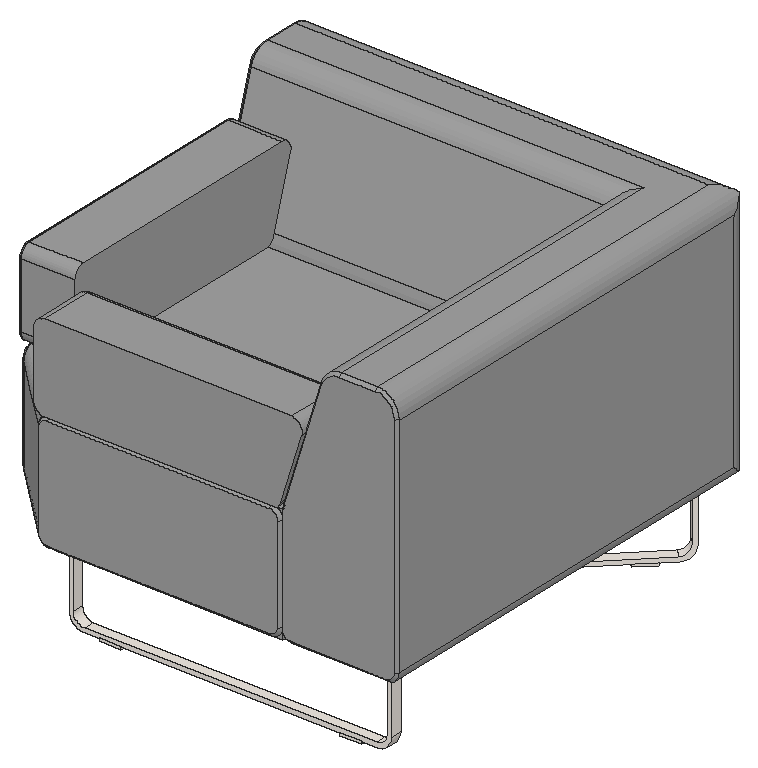
Revit family "Haworth_Riverbend_SquareCorner_EU_PRELIMINARY", category Furniture, Revit 2018 (continued)
Definition of nested family "Haworth_Riverbend_SquareCorner_Large_Seat-PART"
  Forms (cm)
    Extrusion 3, void
      sketch origin (17.4269, -17.4269, 0) x (0.707107, 0.707107, 0) y (0, 0, 1)
        loop
          spline (-85.3444, 43.18) -> (-85.329, 43.5115) -> (-85.2832, 43.8374) -> (-85.2076, 44.152) -> (-85.1037, 44.45) -> (-84.9732, 44.7263) -> (-84.8183, 44.9761) -> (-84.6417, 45.1951) -> (-84.4463, 45.3797) -> (-84.2356, 45.5267) -> (-84.0132, 45.6335) -> (-83.7827, 45.6983) -> (-83.5483, 45.72)
          line (-83.5483, 45.72) -> (-85.3444, 45.72) -> (-85.3444, 43.18)
        loop
          spline (-83.5483, 18.415) -> (-83.7827, 18.4367) -> (-84.0132, 18.5015) -> (-84.2356, 18.6083) -> (-84.4463, 18.7553) -> (-84.6417, 18.9399) -> (-84.8183, 19.1589) -> (-84.9732, 19.4087) -> (-85.1037, 19.685) -> (-85.2076, 19.983) -> (-85.2832, 20.2976) -> (-85.329, 20.6235) -> (-85.3444, 20.955)
          line (-85.3444, 20.955) -> (-85.3444, 18.415) -> (-83.5483, 18.415)
      from -16.0571 to 15.4267
    Extrusion 4, void
      sketch origin (0, 0, 45.72) x (-1, 0, 0) y (0, -1, 0)
        loop
          line (-49.4718, -10.8081) -> (-49.4718, -14.6181) -> (-45.6618, -14.6181)
          arc (-45.6618, -14.6181) -> (-48.3559, -13.5021) -> (-49.4718, -10.8081) r 3.81
      from -30.4934 to 34.1183
    Extrusion 5, solid, material <- "Seat Upholstery Finish", visible <- "No Back"
      sketch origin (-5.08, 51.0034, 45.72) x (-1, 0, 0) y (0, -1, 0)
        loop
          line (46.4132, 120.2053) -> (29.2682, 137.3503) -> (-54.5518, 137.3503) -> (-54.5518, 36.3853) -> (46.4132, 36.3853) -> (46.4132, 120.2053)
      from -27.305 to 0
    Extrusion 6, void
      sketch origin (-52.1282, -45.72, 0) x (0, 1, 0) y (0, 0, 1)
        loop
          line (60.3381, 43.18) -> (60.3381, 45.72) -> (57.7981, 45.72)
          arc (57.7981, 45.72) -> (59.5941, 44.9761) -> (60.3381, 43.18) r 2.54
      from 0 to 105.4663
    Extrusion 7, void
      sketch origin (-60.96, -86.3469, 0) x (-1, 0, 0) y (0, 0, 1)
        loop
          line (-107.8918, 45.72) -> (-110.4318, 45.72) -> (-110.4318, 43.18)
          arc (-110.4318, 43.18) -> (-109.6878, 44.9761) -> (-107.8918, 45.72) r 2.54
      from 0 to 106.4613
    Extrusion 8, void
      sketch origin (-137.16, -86.3469, 0) x (-1, 0, 0) y (0, 0, 1)
        loop
          line (-186.6318, 20.955) -> (-186.6318, 18.415) -> (-184.0918, 18.415)
          arc (-184.0918, 18.415) -> (-185.8878, 19.1589) -> (-186.6318, 20.955) r 2.54
      from 0 to 100.965
    Extrusion 9, solid, material <- "Seat Upholstery Finish", visible <- "Mid Back"
      sketch origin (0, 0, 45.72) x (-1, 0, 0) y (0, -1, 0)
        loop
          line (51.4932, 12.4835) -> (51.4932, 69.2019) -> (34.3482, 86.3469) -> (-22.3702, 86.3469) -> (-22.3702, 12.4835) -> (51.4932, 12.4835)
      from -27.305 to 0
    Blend 10, solid, material <- "Seat Upholstery Finish", visible <- "Mid Back"
      base sketch origin (-52.1282, -57.2949, 0) x (0, -1, 0) y (0, 0, 1)
        loop
          arc (-42.2714, 45.085) -> (-43.6184, 44.527) -> (-44.1764, 43.18) r 1.905
          line (-44.1764, 43.18) -> (-44.1764, 20.955)
          arc (-44.1764, 20.955) -> (-43.6184, 19.608) -> (-42.2714, 19.05) r 1.905
          line (-42.2714, 19.05) -> (9.367, 19.05)
          arc (9.367, 19.05) -> (10.714, 19.608) -> (11.272, 20.955) r 1.905
          line (11.272, 20.955) -> (11.272, 43.18)
          arc (11.272, 43.18) -> (10.714, 44.527) -> (9.367, 45.085) r 1.905
          line (9.367, 45.085) -> (-42.2714, 45.085)
      top sketch origin (-52.1282, -57.2949, 0) x (0, -1, 0) y (0, 0, 1)
        loop
          arc (-42.2714, 45.72) -> (-44.0675, 44.9761) -> (-44.8114, 43.18) r 2.54
          line (-44.8114, 43.18) -> (-44.8114, 20.955)
          arc (-44.8114, 20.955) -> (-44.0675, 19.1589) -> (-42.2714, 18.415) r 2.54
          line (-42.2714, 18.415) -> (9.367, 18.415)
          arc (9.367, 18.415) -> (11.163, 19.1589) -> (11.907, 20.955) r 2.54
          line (11.907, 20.955) -> (11.907, 43.18)
          arc (11.907, 43.18) -> (11.163, 44.9761) -> (9.367, 45.72) r 2.54
          line (9.367, 45.72) -> (-42.2714, 45.72)
      from 0 to -0.635
    Blend 11, solid, material <- "Seat Upholstery Finish", visible <- "No Back"
      base sketch origin (-52.1282, -24.3905, 0) x (0, 1, 0) y (0, 0, -1)
        loop
          line (-42.2714, -45.085) -> (36.4686, -45.085)
          arc (36.4686, -45.085) -> (37.8156, -44.527) -> (38.3736, -43.18) r 1.905
          line (38.3736, -43.18) -> (38.3736, -20.955)
          arc (38.3736, -20.955) -> (37.8156, -19.608) -> (36.4686, -19.05) r 1.905
          line (36.4686, -19.05) -> (-42.2714, -19.05)
          arc (-42.2714, -19.05) -> (-43.6184, -19.608) -> (-44.1764, -20.955) r 1.905
          line (-44.1764, -20.955) -> (-44.1764, -43.18)
          arc (-44.1764, -43.18) -> (-43.6184, -44.527) -> (-42.2714, -45.085) r 1.905
      top sketch origin (-52.1282, -24.3905, 0) x (0, 1, 0) y (0, 0, -1)
        loop
          line (-42.2714, -45.72) -> (36.4686, -45.72)
          arc (36.4686, -45.72) -> (38.2646, -44.9761) -> (39.0086, -43.18) r 2.54
          line (39.0086, -43.18) -> (39.0086, -20.955)
          arc (39.0086, -20.955) -> (38.2646, -19.1589) -> (36.4686, -18.415) r 2.54
          line (36.4686, -18.415) -> (-42.2714, -18.415)
          arc (-42.2714, -18.415) -> (-44.0675, -19.1589) -> (-44.8114, -20.955) r 2.54
          line (-44.8114, -20.955) -> (-44.8114, -43.18)
          arc (-44.8114, -43.18) -> (-44.0675, -44.9761) -> (-42.2714, -45.72) r 2.54
      from 0 to -0.635
  Cuts and joins
    Extrusion 3, Extrusion 4, Extrusion 6, Extrusion 7, Extrusion 8 cuts Extrusion 5
    Extrusion 3 cuts Extrusion 9
  Lines and regions (cm)
    Masking region 1
      outline origin (0, 0, 45.72) x (-1, 0, 0) y (0, -1, 0)
        loop
          line (52.1282, -14.6181) -> (52.1282, 68.5669) -> (33.7132, 86.9819) -> (-49.4718, 86.9819) -> (-49.4718, -14.6181) -> (52.1282, -14.6181)
    symbolic lines, visible <- "Mid Back", detail levels medium+fine
      curve 1: line (-51.4932, -12.4835, 45.72) -> (22.3702, -12.4835, 45.72)
      curve 2: line (22.3702, -12.4835, 45.72) -> (22.3702, -86.3469, 45.72)
  Dimensions and locks (cm)
    plane 4 "Left" to plane 5 "Right" = 142.7861 cm
    locked: plane 8 "Top" to plane 9 "Top - Bottom of Chamfer Edge" at 0.635
    locked: plane 11 "Bottom - Top of Chamfer Edge" to plane 10 "Frame Bottom" at 0.635
    plane 8 "Top" to plane 10 "Frame Bottom" = 27.305 cm
    "Actual Height": plane 8 "Top" to plane 2 "Bottom"
    plane 8 "Top" to plane 2 "Bottom" = 45.72 cm
    "Width Straight Edge": plane 16 "Bench Frame - Outer Concave Tangent Edge No 1" to plane 15 "Bench Frame - Inner Concave Tangent Edge No 1"
    equal spacing: plane 16 "Bench Frame - Outer Concave Tangent Edge No 1", plane 18 "Bench Frame - Center Side No 1", plane 15 "Bench Frame - Inner Concave Tangent Edge No 1"
    plane 19 "Bench Frame - Center Side No 2" to plane 17 "Bench Frame - Outer Concave Tangent Edge No 2" = 41.91 cm
    plane 15 "Bench Frame - Inner Concave Tangent Edge No 1" to plane 20 "Bench Frame - Straight Edge No 2" = 17.78 cm
    plane 21 "Bench Frame - Straight Edge No 1" to plane 29 "Left - Top of Chamfer Edge" = 0.635 cm
    plane 30 "Right - Top of Chamfer Edge" to plane 20 "Bench Frame - Straight Edge No 2" = 0.635 cm
    plane 23 "Center Leg - Back of Leg Bracket" to plane 27 "Center Leg - Front of Leg Bracket" = 34.29 cm
    plane 67 to plane 68 = 7.62 cm
    equal spacing: plane 7 "Chair Front", plane 1 "Center F/B", plane 67
    plane 72 to plane 73 = 3.8097 cm
    plane 21 "Bench Frame - Straight Edge No 1" to plane 17 "Bench Frame - Outer Concave Tangent Edge No 2" = 101.6 cm
    plane 16 "Bench Frame - Outer Concave Tangent Edge No 1" to plane 20 "Bench Frame - Straight Edge No 2" = 101.6 cm
    equal spacing: plane 10 "Frame Bottom", plane 74, plane 69
    "Depth": plane 70 to plane 17 "Bench Frame - Outer Concave Tangent Edge No 2"
    aligned and locked: Blend 1 to plane 20 "Bench Frame - Straight Edge No 2"
    aligned and locked: plane 30 "Right - Top of Chamfer Edge" to Blend 1
    aligned and locked: Extrusion 5 sketch curve to plane 29 "Left - Top of Chamfer Edge"
  Automatic sketch dimensions
    plane 3 "Center L/R" to curve 1 = 0 cm
    curve 2 to plane 30 "Right - Top of Chamfer Edge" = 0 cm
    curve 1 to plane 29 "Left - Top of Chamfer Edge" = 0 cm
    curve 2 to plane 65 = 5.1961 cm
    Blend 1 sketch curve to plane 11 "Bottom - Top of Chamfer Edge" = 0 cm
    Blend 1 sketch curve to plane 9 "Top - Bottom of Chamfer Edge" = 0 cm
    Blend 1 sketch curve to plane 70 = 0.635 cm
    Blend 1 sketch curve to plane 26 "Right Leg - Front of Leg Bracket" = 1.9447 cm  (x2)
    Blend 1 sketch curve to Blend 1 sketch curve = 1.905 cm
    plane 24 "Right Leg - Back of Leg Bracket" to Blend 1 sketch curve = 1.9447 cm  (x4)
    Blend 1 sketch curve to plane 17 "Bench Frame - Outer Concave Tangent Edge No 2" = 0.635 cm
    plane 70 to Blend 1 sketch curve = 0 cm
    Blend 1 sketch curve to plane 10 "Frame Bottom" = 0 cm
    Blend 1 sketch curve to plane 8 "Top" = 0 cm
    Blend 1 sketch curve to plane 17 "Bench Frame - Outer Concave Tangent Edge No 2" = 0 cm
    Blend 1 sketch curve to plane 9 "Top - Bottom of Chamfer Edge" = 1.905 cm
    Blend 2 sketch curve to plane 9 "Top - Bottom of Chamfer Edge" = 0 cm
    Blend 2 sketch curve to plane 11 "Bottom - Top of Chamfer Edge" = 0 cm
    plane 11 "Bottom - Top of Chamfer Edge" to Blend 2 sketch curve = 1.905 cm  (x3)
    plane 53 to Blend 2 sketch curve = 11.1794 cm
    Blend 2 sketch curve to plane 9 "Top - Bottom of Chamfer Edge" = 1.905 cm  (x2)
    Blend 2 sketch curve to plane 26 "Right Leg - Front of Leg Bracket" = 1.9447 cm  (x2)
    Blend 2 sketch curve to plane 70 = 0.635 cm
    Blend 2 sketch curve to plane 10 "Frame Bottom" = 0 cm
    Blend 2 sketch curve to plane 8 "Top" = 0 cm
    plane 70 to Blend 2 sketch curve = 0 cm
    plane 19 "Bench Frame - Center Side No 2" to Blend 2 sketch curve = 12.2684 cm  (x2)
    Extrusion 3 sketch curve to plane 7 "Chair Front" = 0 cm  (x2)
    Extrusion 3 sketch curve to plane 10 "Frame Bottom" = 0 cm
    Extrusion 3 sketch curve to plane 8 "Top" = 0 cm
    plane 7 "Chair Front" to Extrusion 3 sketch curve = 1.7961 cm  (x2)
    plane 11 "Bottom - Top of Chamfer Edge" to Extrusion 3 sketch curve = 1.905 cm
    Extrusion 3 sketch curve to plane 9 "Top - Bottom of Chamfer Edge" = 1.905 cm
    Extrusion 4 sketch curve to plane 17 "Bench Frame - Outer Concave Tangent Edge No 2" = 0 cm
    Extrusion 4 sketch curve to plane 16 "Bench Frame - Outer Concave Tangent Edge No 1" = 0 cm
    plane 24 "Right Leg - Back of Leg Bracket" to Extrusion 4 sketch curve = 0.6747 cm
    plane 3 "Center L/R" to Masking region 1 sketch curve = 0 cm
    Masking region 1 sketch curve to plane 16 "Bench Frame - Outer Concave Tangent Edge No 1" = 0 cm
    Masking region 1 sketch curve to plane 7 "Chair Front" = 0 cm  (x2)
    Masking region 1 sketch curve to plane 20 "Bench Frame - Straight Edge No 2" = 0 cm
    Masking region 1 sketch curve to plane 21 "Bench Frame - Straight Edge No 1" = 0 cm
    plane 3 "Center L/R" to Extrusion 5 sketch curve = 0 cm
    Extrusion 5 sketch curve to plane 16 "Bench Frame - Outer Concave Tangent Edge No 1" = 0 cm
    Extrusion 5 sketch curve to plane 7 "Chair Front" = 0 cm  (x2)
    Extrusion 5 sketch curve to plane 30 "Right - Top of Chamfer Edge" = 0 cm
    Extrusion 6 sketch curve to plane 8 "Top" = 0 cm
    Extrusion 6 sketch curve to plane 71 = 0 cm
    Extrusion 6 sketch curve to plane 16 "Bench Frame - Outer Concave Tangent Edge No 1" = 0 cm
    Extrusion 7 sketch curve to plane 8 "Top" = 0 cm
    Extrusion 7 sketch curve to plane 17 "Bench Frame - Outer Concave Tangent Edge No 2" = 0 cm
    plane 24 "Right Leg - Back of Leg Bracket" to Extrusion 7 sketch curve = 1.9447 cm
    Extrusion 8 sketch curve to plane 17 "Bench Frame - Outer Concave Tangent Edge No 2" = 0 cm
    Extrusion 8 sketch curve to plane 10 "Frame Bottom" = 0 cm
    plane 24 "Right Leg - Back of Leg Bracket" to Extrusion 8 sketch curve = 1.9447 cm
    plane 3 "Center L/R" to Extrusion 9 sketch curve = 0 cm
    Extrusion 9 sketch curve to plane 30 "Right - Top of Chamfer Edge" = 0 cm
    Extrusion 9 sketch curve to plane 7 "Chair Front" = 0 cm  (x2)
    Extrusion 9 sketch curve to plane 15 "Bench Frame - Inner Concave Tangent Edge No 1" = 0 cm
    plane 53 to Extrusion 9 sketch curve = 10.5444 cm
    Blend 10 sketch curve to plane 9 "Top - Bottom of Chamfer Edge" = 0 cm
    Blend 10 sketch curve to plane 11 "Bottom - Top of Chamfer Edge" = 0 cm
    plane 11 "Bottom - Top of Chamfer Edge" to Blend 10 sketch curve = 1.905 cm  (x3)
    Blend 10 sketch curve to plane 65 = 5.8311 cm
    Blend 10 sketch curve to Blend 10 sketch curve = 1.905 cm
    Blend 10 sketch curve to plane 25 "Left Leg - Front of Leg Bracket" = 1.945 cm  (x2)
    plane 15 "Bench Frame - Inner Concave Tangent Edge No 1" to Blend 10 sketch curve = 0.635 cm
    Blend 10 sketch curve to plane 10 "Frame Bottom" = 0 cm
    Blend 10 sketch curve to plane 8 "Top" = 0 cm
    Blend 10 sketch curve to plane 15 "Bench Frame - Inner Concave Tangent Edge No 1" = 0 cm
    Blend 10 sketch curve to plane 9 "Top - Bottom of Chamfer Edge" = 1.905 cm
    Blend 10 sketch curve to plane 65 = 7.7361 cm  (x2)
    Blend 11 sketch curve to plane 11 "Bottom - Top of Chamfer Edge" = 0 cm
    Blend 11 sketch curve to plane 9 "Top - Bottom of Chamfer Edge" = 0 cm
    Blend 11 sketch curve to plane 71 = 0 cm  (x4)
    Blend 11 sketch curve to plane 25 "Left Leg - Front of Leg Bracket" = 1.945 cm  (x3)
    plane 15 "Bench Frame - Inner Concave Tangent Edge No 1" to Blend 11 sketch curve = 0.635 cm
    Blend 11 sketch curve to plane 16 "Bench Frame - Outer Concave Tangent Edge No 1" = 0.635 cm
    Blend 11 sketch curve to plane 15 "Bench Frame - Inner Concave Tangent Edge No 1" = 0 cm
    Blend 11 sketch curve to plane 10 "Frame Bottom" = 0 cm
    Blend 11 sketch curve to plane 8 "Top" = 0 cm
    Blend 11 sketch curve to plane 16 "Bench Frame - Outer Concave Tangent Edge No 1" = 0 cm
    Blend 11 sketch curve to plane 9 "Top - Bottom of Chamfer Edge" = 1.905 cm
Definition of nested family "Haworth_Riverbend_SquareCorner_Small_Seat-PART"
  Parameters (values of type "Small Seat - PART")
    Width Straight Edge = 83.82 cm  # constant formula
    Warranty = "http://www.haworth.com/resources/product-info/warranties"
    URL - Product = "http://www.haworth.com/products/seating/sofas/riverbend-pebble"
    Seat Upholstery Finish [instance] = none
    No Back = no
    Mid Back = yes
    Model = "Haworth - Riverbend"  # constant formula
    Description = "Haworth - Riverbend - Square Corner - Small Seat - PART"  # constant formula
    URL = "http://www.haworth.com"
    Size = "Verify Final Dim. w/ Haworth"  # constant formula
    Revision Number = "1"  # constant formula
    Manufacturer = "Haworth"  # constant formula
    Depth = 83.82 cm  # constant formula
    Author = "Haworth (Bentzen, Abd Rahman)"  # constant formula
    Assembly Code = "E2020200"
    Actual Width = 142.24 cm  # constant formula
    Actual Height = 45.72 cm  # constant formula
    Actual Depth = 83.82 cm  # constant formula
  Reference planes (cm)
    plane 1 "Center F/B": through (-7.8491, -21.5695, 0) normal (-0.7071, -0.7071, 0)
    plane 2 "Bottom": z = 0
    plane 3 "Center L/R": through (5.5102, -29.3435, 0) normal (0.7071, -0.7071, 0)
    plane 4 "Left": through (-116.505, -50.3938, 121.92) normal (-0.7071, 0.7071, 0)
    plane 5 "Right": through (124.4391, -11.3797, 121.92) normal (0.7071, -0.7071, 0)
    plane 6 "Frame Back": through (-73.6346, 78.6631, 121.92) normal (0.7071, 0.7071, 0)
    plane 7 "Chair Front": through (-138.4552, 17.76, 121.92) normal (0.7071, 0.7071, 0)
    plane 8 "Top": z = 45.72
    plane 9 "Top - Bottom of Chamfer Edge": z = 45.085
    plane 10 "Frame Bottom": z = 18.415
    plane 11 "Bottom - Top of Chamfer Edge": z = 19.05
    plane 12 "Leg Bracket - Bottom": z = 17.78
    plane 13 "Leg Bottom - Top of Bottom": z = 1.5875
    plane 14 "Foot - Top of Foot": z = 0.635
    plane 15 "Bench Frame - Inner Concave Tangent Edge No 1": y = -69.2019
    plane 16 "Bench Frame - Outer Concave Tangent Edge No 1": y = 14.6181
    plane 17 "Bench Frame - Outer Concave Tangent Edge No 2": x = 49.4718
    plane 18 "Bench Frame - Center Side No 1": y = -27.2919
    plane 19 "Bench Frame - Center Side No 2": x = 7.5618
    plane 20 "Bench Frame - Straight Edge No 2": y = -86.9819
    plane 21 "Bench Frame - Straight Edge No 1": x = -52.1282
    plane 22 "Left Leg - Back of Leg Bracket": y = 10.1334
    plane 23 "Center Leg - Back of Leg Bracket": through (-113.4489, 164.5306, 121.92) normal (0.7071, 0.7071, 0)
    plane 24 "Right Leg - Back of Leg Bracket": x = 44.9871
    plane 25 "Left Leg - Front of Leg Bracket": y = -64.7169
    plane 26 "Right Leg - Front of Leg Bracket": x = -29.8635
    plane 27 "Center Leg - Front of Leg Bracket": through (17.7923, -15.204, 121.92) normal (0.7071, 0.7071, 0)
    plane 28: through (-170.5143, 49.6713, 121.92) normal (-0.7071, 0.7071, 0)
    plane 29 "Left - Top of Chamfer Edge": x = -51.4932
    plane 30 "Right - Top of Chamfer Edge": y = -86.3469
    plane 31 "Leg Left - Left of Leg Bracket": x = -48.1694
    plane 32 "Right Left - Right of Leg Bracket": y = -83.0231
    plane 33: through (39.0172, 10.7175, 121.92) normal (0.7071, 0.7071, 0)
    plane 34: y = 4.1009
    plane 35: y = 3.1409
    plane 36: y = -1.9391
    plane 37: y = 9.1809
    plane 38: y = -52.6441
    plane 39: y = -57.7241
    plane 40: y = -58.6841
    plane 41: y = -63.7641
    plane 42: through (18.4965, -14.5612, 121.92) normal (-0.7071, -0.7071, 0)
    plane 43: through (22.0886, -10.9691, 121.92) normal (-0.7071, -0.7071, 0)
    plane 44: through (22.7674, -10.2902, 121.92) normal (-0.7071, -0.7071, 0)
    plane 45: through (26.3595, -6.6981, 121.92) normal (-0.7071, -0.7071, 0)
    plane 46: through (33.5331, 0.4755, 121.92) normal (-0.7071, -0.7071, 0)
    plane 47: through (37.1252, 4.0676, 121.92) normal (-0.7071, -0.7071, 0)
    plane 48: through (37.8041, 4.7464, 121.92) normal (-0.7071, -0.7071, 0)
    plane 49: x = -28.9104
    plane 50: x = -23.8304
    plane 51: x = -22.8704
    plane 52: x = -17.7904
    plane 53: x = 32.9146
    plane 54: x = 37.9946
    plane 55: x = 38.9546
    plane 56: x = 44.0346
    plane 57: x = -45.6294
    plane 58: y = -80.4831
    plane 59: through (15.798, -17.2597, 121.92) normal (-0.7071, 0.7071, 0)
    plane 60: through (43.8657, 7.216, 121.92) normal (-0.7071, 0.7071, 0)
    plane 61: x = -42.1369
    plane 62: through (0.0825, -41.5064, 121.92) normal (0.7071, -0.7071, 0)
    plane 63: y = -76.9906
    plane 64: y = 14.6181
    plane 65: y = -7.2874
    plane 66: y = 14.6181
    plane 67: through (48.3559, 13.5021, 121.92) normal (-0.7071, -0.7071, 0)
    plane 68: through (34.5662, 16.5155, 121.92) normal (0.7071, 0.7071, 0)
    plane 69: z = 45.72
    plane 70: x = -34.3482
    plane 71: y = 12.0781
    plane 72: x = -288.2933
    plane 73: x = -284.4836
    plane 74: z = 32.0675
  Forms (cm)
    Extrusion 1, void
      sketch origin (0, 0, 45.72) x (-1, 0, 0) y (0, -1, 0)
        loop
          line (-49.4718, -10.8081) -> (-49.4718, -14.6181) -> (-45.6618, -14.6181)
          arc (-45.6618, -14.6181) -> (-48.3559, -13.5021) -> (-49.4718, -10.8081) r 3.81
      from -30.4934 to 34.1183
    Extrusion 2, solid, material <- "Seat Upholstery Finish", visible <- "No Back"
      sketch origin (-5.08, 51.0034, 45.72) x (-1, 0, 0) y (0, -1, 0)
        loop
          line (46.4132, 112.4338) -> (21.4967, 137.3503) -> (-54.5518, 137.3503) -> (-54.5518, 36.3853) -> (46.4132, 36.3853) -> (46.4132, 112.4338)
      from -27.305 to 0
    Extrusion 3, void
      sketch origin (-52.1282, -45.72, 0) x (0, 1, 0) y (0, 0, 1)
        loop
          line (60.3381, 43.18) -> (60.3381, 45.72) -> (57.7981, 45.72)
          arc (57.7981, 45.72) -> (59.5941, 44.9761) -> (60.3381, 43.18) r 2.54
      from 0 to 105.4663
    Extrusion 4, void
      sketch origin (-60.96, -86.3469, 0) x (-1, 0, 0) y (0, 0, 1)
        loop
          line (-107.8918, 45.72) -> (-110.4318, 45.72) -> (-110.4318, 43.18)
          arc (-110.4318, 43.18) -> (-109.6878, 44.9761) -> (-107.8918, 45.72) r 2.54
      from 0 to 106.4613
    Extrusion 5, void
      sketch origin (-147.9004, -86.3469, 0) x (-1, 0, 0) y (0, 0, 1)
        loop
          line (-167.7306, 45.72) -> (-170.2706, 45.72) -> (-170.2706, 43.18)
          arc (-170.2706, 43.18) -> (-169.5267, 44.9761) -> (-167.7306, 45.72) r 2.54
      from 0 to 73.8634
    Extrusion 6, void
      sketch origin (-52.1282, -119.217, 0) x (0, 1, 0) y (0, 0, 1)
        loop
          line (106.7335, 43.18) -> (106.7335, 45.72) -> (104.1935, 45.72)
          arc (104.1935, 45.72) -> (105.9895, 44.9761) -> (106.7335, 43.18) r 2.54
      from 0 to 74.4984
    Extrusion 7, void
      sketch origin (-52.1282, -107.793, 0) x (0, 1, 0) y (0, 0, 1)
        loop
          line (92.7695, 18.415) -> (95.3095, 18.415) -> (95.3095, 20.955)
          arc (95.3095, 20.955) -> (94.5656, 19.1589) -> (92.7695, 18.415) r 2.54
      from 0 to 74.4984
    Extrusion 8, void
      sketch origin (-137.16, -86.3469, 0) x (-1, 0, 0) y (0, 0, 1)
        loop
          line (-186.6318, 20.955) -> (-186.6318, 18.415) -> (-184.0918, 18.415)
          arc (-184.0918, 18.415) -> (-185.8878, 19.1589) -> (-186.6318, 20.955) r 2.54
      from 0 to 100.965
    Extrusion 9, void
      sketch origin (-114.8804, -86.3469, 0) x (-1, 0, 0) y (0, 0, 1)
        loop
          line (-137.2506, 20.955) -> (-137.2506, 18.415) -> (-134.7106, 18.415)
          arc (-134.7106, 18.415) -> (-136.5067, 19.1589) -> (-137.2506, 20.955) r 2.54
      from 0 to 73.8634
    Extrusion 10, solid, material <- "Seat Upholstery Finish", visible <- "Mid Back"
      sketch origin (0, 0, 45.72) x (-1, 0, 0) y (0, -1, 0)
        loop
          line (51.4932, 12.4835) -> (51.4932, 61.4304) -> (26.5767, 86.3469) -> (-22.3702, 86.3469) -> (-22.3702, 12.4835) -> (51.4932, 12.4835)
      from -27.305 to 0
    Extrusion 11, void
      sketch origin (21.2242, -13.6295, 0) x (0.707107, 0.707107, 0) y (0, 0, 1)
        loop
          spline (-85.3444, 43.18) -> (-85.329, 43.5115) -> (-85.2832, 43.8374) -> (-85.2076, 44.152) -> (-85.1037, 44.45) -> (-84.9732, 44.7263) -> (-84.8183, 44.9761) -> (-84.6417, 45.1951) -> (-84.4463, 45.3797) -> (-84.2356, 45.5267) -> (-84.0132, 45.6335) -> (-83.7827, 45.6983) -> (-83.5483, 45.72)
          line (-83.5483, 45.72) -> (-85.3444, 45.72) -> (-85.3444, 43.18)
        loop
          spline (-83.5483, 18.415) -> (-83.7827, 18.4367) -> (-84.0132, 18.5015) -> (-84.2356, 18.6083) -> (-84.4463, 18.7553) -> (-84.6417, 18.9399) -> (-84.8183, 19.1589) -> (-84.9732, 19.4087) -> (-85.1037, 19.685) -> (-85.2076, 19.983) -> (-85.2832, 20.2976) -> (-85.329, 20.6235) -> (-85.3444, 20.955)
          line (-85.3444, 20.955) -> (-85.3444, 18.415) -> (-83.5483, 18.415)
      from -19.6373 to 20.8243
    Blend 12, solid, material <- "Seat Upholstery Finish", visible <- "Mid Back"
      base sketch origin (-22.4412, -86.9819, 0) x (-1, 0, 0) y (0, 0, -1)
        loop
          line (-42.2714, -45.085) -> (1.5436, -45.085)
          arc (1.5436, -45.085) -> (2.8906, -44.527) -> (3.4486, -43.18) r 1.905
          line (3.4486, -43.18) -> (3.4486, -20.955)
          arc (3.4486, -20.955) -> (2.8906, -19.608) -> (1.5436, -19.05) r 1.905
          line (1.5436, -19.05) -> (-42.2714, -19.05)
          arc (-42.2714, -19.05) -> (-43.6184, -19.608) -> (-44.1764, -20.955) r 1.905
          line (-44.1764, -20.955) -> (-44.1764, -43.18)
          arc (-44.1764, -43.18) -> (-43.6184, -44.527) -> (-42.2714, -45.085) r 1.905
      top sketch origin (-22.4412, -86.9819, 0) x (-1, 0, 0) y (0, 0, -1)
        loop
          line (-42.2714, -45.72) -> (1.6486, -45.72)
          arc (1.6486, -45.72) -> (3.4446, -44.9761) -> (4.1886, -43.18) r 2.54
          line (4.1886, -43.18) -> (4.1886, -20.955)
          arc (4.1886, -20.955) -> (3.4446, -19.1589) -> (1.6486, -18.415) r 2.54
          line (1.6486, -18.415) -> (-42.2714, -18.415)
          arc (-42.2714, -18.415) -> (-44.0675, -19.1589) -> (-44.8114, -20.955) r 2.54
          line (-44.8114, -20.955) -> (-44.8114, -43.18)
          arc (-44.8114, -43.18) -> (-44.0675, -44.9761) -> (-42.2714, -45.72) r 2.54
      from 0 to -0.635
    Blend 13, solid, material <- "Seat Upholstery Finish", visible <- "Mid Back"
      base sketch origin (-52.1282, -57.2949, 0) x (0, -1, 0) y (0, 0, 1)
        loop
          arc (-42.2714, 45.085) -> (-43.6184, 44.527) -> (-44.1764, 43.18) r 1.905
          line (-44.1764, 43.18) -> (-44.1764, 20.955)
          arc (-44.1764, 20.955) -> (-43.6184, 19.608) -> (-42.2714, 19.05) r 1.905
          line (-42.2714, 19.05) -> (1.5436, 19.05)
          arc (1.5436, 19.05) -> (2.8906, 19.608) -> (3.4486, 20.955) r 1.905
          line (3.4486, 20.955) -> (3.4486, 43.18)
          arc (3.4486, 43.18) -> (2.8906, 44.527) -> (1.5436, 45.085) r 1.905
          line (1.5436, 45.085) -> (-42.2714, 45.085)
      top sketch origin (-52.1282, -57.2949, 0) x (0, -1, 0) y (0, 0, 1)
        loop
          arc (-42.2714, 45.72) -> (-44.0675, 44.9761) -> (-44.8114, 43.18) r 2.54
          line (-44.8114, 43.18) -> (-44.8114, 20.955)
          arc (-44.8114, 20.955) -> (-44.0675, 19.1589) -> (-42.2714, 18.415) r 2.54
          line (-42.2714, 18.415) -> (1.6486, 18.415)
          arc (1.6486, 18.415) -> (3.4446, 19.1589) -> (4.1886, 20.955) r 2.54
          line (4.1886, 20.955) -> (4.1886, 43.18)
          arc (4.1886, 43.18) -> (3.4446, 44.9761) -> (1.6486, 45.72) r 2.54
          line (1.6486, 45.72) -> (-42.2714, 45.72)
      from 0 to -0.635
    Blend 14, solid, material <- "Seat Upholstery Finish", visible <- "No Back"
      base sketch origin (-22.4412, -86.9819, 0) x (-1, 0, 0) y (0, 0, -1)
        loop
          line (-69.508, -45.085) -> (1.5436, -45.085)
          arc (1.5436, -45.085) -> (2.8906, -44.527) -> (3.4486, -43.18) r 1.905
          line (3.4486, -43.18) -> (3.4486, -20.955)
          arc (3.4486, -20.955) -> (2.8906, -19.608) -> (1.5436, -19.05) r 1.905
          line (1.5436, -19.05) -> (-69.508, -19.05)
          arc (-69.508, -19.05) -> (-70.855, -19.608) -> (-71.413, -20.955) r 1.905
          line (-71.413, -20.955) -> (-71.413, -43.18)
          arc (-71.413, -43.18) -> (-70.855, -44.527) -> (-69.508, -45.085) r 1.905
      top sketch origin (-22.4412, -86.9819, 0) x (-1, 0, 0) y (0, 0, -1)
        loop
          line (-69.373, -45.72) -> (1.6486, -45.72)
          arc (1.6486, -45.72) -> (3.4446, -44.9761) -> (4.1886, -43.18) r 2.54
          line (4.1886, -43.18) -> (4.1886, -20.955)
          arc (4.1886, -20.955) -> (3.4446, -19.1589) -> (1.6486, -18.415) r 2.54
          line (1.6486, -18.415) -> (-69.373, -18.415)
          arc (-69.373, -18.415) -> (-71.1691, -19.1589) -> (-71.913, -20.955) r 2.54
          line (-71.913, -20.955) -> (-71.913, -43.18)
          arc (-71.913, -43.18) -> (-71.1691, -44.9761) -> (-69.373, -45.72) r 2.54
      from 0 to -0.635
    Blend 15, solid, material <- "Seat Upholstery Finish", visible <- "No Back"
      base sketch origin (-52.1282, -57.2949, 0) x (0, -1, 0) y (0, 0, 1)
        loop
          arc (-69.508, 45.085) -> (-70.855, 44.527) -> (-71.413, 43.18) r 1.905
          line (-71.413, 43.18) -> (-71.413, 20.955)
          arc (-71.413, 20.955) -> (-70.855, 19.608) -> (-69.508, 19.05) r 1.905
          line (-69.508, 19.05) -> (1.5436, 19.05)
          arc (1.5436, 19.05) -> (2.8906, 19.608) -> (3.4486, 20.955) r 1.905
          line (3.4486, 20.955) -> (3.4486, 43.18)
          arc (3.4486, 43.18) -> (2.8906, 44.527) -> (1.5436, 45.085) r 1.905
          line (1.5436, 45.085) -> (-69.508, 45.085)
      top sketch origin (-52.1282, -57.2949, 0) x (0, -1, 0) y (0, 0, 1)
        loop
          arc (-69.373, 45.72) -> (-71.1691, 44.9761) -> (-71.913, 43.18) r 2.54
          line (-71.913, 43.18) -> (-71.913, 20.955)
          arc (-71.913, 20.955) -> (-71.1691, 19.1589) -> (-69.373, 18.415) r 2.54
          line (-69.373, 18.415) -> (1.6486, 18.415)
          arc (1.6486, 18.415) -> (3.4446, 19.1589) -> (4.1886, 20.955) r 2.54
          line (4.1886, 20.955) -> (4.1886, 43.18)
          arc (4.1886, 43.18) -> (3.4446, 44.9761) -> (1.6486, 45.72) r 2.54
          line (1.6486, 45.72) -> (-69.373, 45.72)
      from 0 to -0.635
  Cuts and joins
    Extrusion 1, Extrusion 3, Extrusion 4, Extrusion 8, Extrusion 11 cuts Extrusion 2
    Extrusion 5, Extrusion 6, Extrusion 7, Extrusion 9, Extrusion 11 cuts Extrusion 10
  Lines and regions (cm)
    Masking region 1
      outline origin (0, 0, 45.72) x (-1, 0, 0) y (0, -1, 0)
        loop
          line (52.1282, -14.6181) -> (52.1282, 60.7954) -> (25.9417, 86.9819) -> (-49.4718, 86.9819) -> (-49.4718, -14.6181) -> (52.1282, -14.6181)
    symbolic lines, visible <- "Mid Back", detail levels medium+fine
      curve 1: line (-52.1282, -12.4835, 45.72) -> (22.3702, -12.4835, 45.72)
      curve 2: line (22.3702, -12.4835, 45.72) -> (22.3702, -86.9819, 45.72)
  Dimensions and locks (cm)
    plane 4 "Left" to plane 5 "Right" = 142.7861 cm
    locked: plane 8 "Top" to plane 9 "Top - Bottom of Chamfer Edge" at 0.635
    locked: plane 11 "Bottom - Top of Chamfer Edge" to plane 10 "Frame Bottom" at 0.635
    plane 8 "Top" to plane 10 "Frame Bottom" = 27.305 cm
    "Actual Height": plane 8 "Top" to plane 2 "Bottom"
    plane 8 "Top" to plane 2 "Bottom" = 45.72 cm
    "Width Straight Edge": plane 16 "Bench Frame - Outer Concave Tangent Edge No 1" to plane 15 "Bench Frame - Inner Concave Tangent Edge No 1"
    equal spacing: plane 16 "Bench Frame - Outer Concave Tangent Edge No 1", plane 18 "Bench Frame - Center Side No 1", plane 15 "Bench Frame - Inner Concave Tangent Edge No 1"
    plane 19 "Bench Frame - Center Side No 2" to plane 17 "Bench Frame - Outer Concave Tangent Edge No 2" = 41.91 cm
    plane 15 "Bench Frame - Inner Concave Tangent Edge No 1" to plane 20 "Bench Frame - Straight Edge No 2" = 17.78 cm
    plane 21 "Bench Frame - Straight Edge No 1" to plane 29 "Left - Top of Chamfer Edge" = 0.635 cm
    plane 30 "Right - Top of Chamfer Edge" to plane 20 "Bench Frame - Straight Edge No 2" = 0.635 cm
    plane 23 "Center Leg - Back of Leg Bracket" to plane 27 "Center Leg - Front of Leg Bracket" = 34.29 cm
    plane 67 to plane 68 = 7.62 cm
    equal spacing: plane 7 "Chair Front", plane 1 "Center F/B", plane 67
    plane 72 to plane 73 = 3.8097 cm
    plane 21 "Bench Frame - Straight Edge No 1" to plane 17 "Bench Frame - Outer Concave Tangent Edge No 2" = 101.6 cm
    plane 16 "Bench Frame - Outer Concave Tangent Edge No 1" to plane 20 "Bench Frame - Straight Edge No 2" = 101.6 cm
    equal spacing: plane 10 "Frame Bottom", plane 74, plane 69
    "Depth": plane 70 to plane 17 "Bench Frame - Outer Concave Tangent Edge No 2"
    aligned and locked: Extrusion 2 sketch curve to plane 29 "Left - Top of Chamfer Edge"
  Automatic sketch dimensions
    plane 3 "Center L/R" to curve 1 = 0 cm
    curve 2 to plane 20 "Bench Frame - Straight Edge No 2" = 0 cm
    curve 1 to plane 21 "Bench Frame - Straight Edge No 1" = 0 cm
    curve 2 to plane 65 = 5.1961 cm
    Extrusion 1 sketch curve to plane 17 "Bench Frame - Outer Concave Tangent Edge No 2" = 0 cm
    Extrusion 1 sketch curve to plane 16 "Bench Frame - Outer Concave Tangent Edge No 1" = 0 cm
    plane 24 "Right Leg - Back of Leg Bracket" to Extrusion 1 sketch curve = 0.6747 cm
    plane 3 "Center L/R" to Masking region 1 sketch curve = 0 cm
    Masking region 1 sketch curve to plane 16 "Bench Frame - Outer Concave Tangent Edge No 1" = 0 cm
    Masking region 1 sketch curve to plane 20 "Bench Frame - Straight Edge No 2" = 0 cm
    Masking region 1 sketch curve to plane 21 "Bench Frame - Straight Edge No 1" = 0 cm
    plane 50 to Masking region 1 sketch curve = 2.1113 cm
    plane 40 to Masking region 1 sketch curve = 2.1113 cm
    plane 3 "Center L/R" to Extrusion 2 sketch curve = 0 cm
    Extrusion 2 sketch curve to plane 16 "Bench Frame - Outer Concave Tangent Edge No 1" = 0 cm
    Extrusion 2 sketch curve to plane 30 "Right - Top of Chamfer Edge" = 0 cm
    Extrusion 2 sketch curve to plane 49 = 2.3337 cm
    plane 40 to Extrusion 2 sketch curve = 2.7463 cm
    Extrusion 3 sketch curve to plane 8 "Top" = 0 cm
    Extrusion 3 sketch curve to plane 71 = 0 cm
    Extrusion 3 sketch curve to plane 16 "Bench Frame - Outer Concave Tangent Edge No 1" = 0 cm
    Extrusion 4 sketch curve to plane 8 "Top" = 0 cm
    Extrusion 4 sketch curve to plane 17 "Bench Frame - Outer Concave Tangent Edge No 2" = 0 cm
    plane 24 "Right Leg - Back of Leg Bracket" to Extrusion 4 sketch curve = 1.9447 cm
    Extrusion 5 sketch curve to plane 8 "Top" = 0 cm
    Extrusion 5 sketch curve to plane 9 "Top - Bottom of Chamfer Edge" = 1.905 cm
    plane 53 to Extrusion 5 sketch curve = 10.5444 cm
    Extrusion 6 sketch curve to plane 8 "Top" = 0 cm
    Extrusion 6 sketch curve to plane 65 = 7.7361 cm
    Extrusion 6 sketch curve to Extrusion 6 sketch curve = 2.54 cm
    Extrusion 7 sketch curve to plane 10 "Frame Bottom" = 0 cm
    Extrusion 7 sketch curve to plane 65 = 7.7361 cm
    Extrusion 7 sketch curve to Extrusion 7 sketch curve = 2.54 cm
    Extrusion 8 sketch curve to plane 17 "Bench Frame - Outer Concave Tangent Edge No 2" = 0 cm
    Extrusion 8 sketch curve to plane 10 "Frame Bottom" = 0 cm
    plane 24 "Right Leg - Back of Leg Bracket" to Extrusion 8 sketch curve = 1.9447 cm
    Extrusion 9 sketch curve to plane 10 "Frame Bottom" = 0 cm
    plane 53 to Extrusion 9 sketch curve = 10.5444 cm
    Extrusion 9 sketch curve to Extrusion 9 sketch curve = 2.54 cm
    plane 3 "Center L/R" to Extrusion 10 sketch curve = 0 cm
    Extrusion 10 sketch curve to plane 30 "Right - Top of Chamfer Edge" = 0 cm
    Extrusion 10 sketch curve to plane 29 "Left - Top of Chamfer Edge" = 0 cm
    Extrusion 10 sketch curve to plane 49 = 2.3337 cm
    plane 53 to Extrusion 10 sketch curve = 10.5444 cm
    Extrusion 10 sketch curve to plane 41 = 2.3337 cm
    Extrusion 11 sketch curve to plane 10 "Frame Bottom" = 0 cm
    Extrusion 11 sketch curve to plane 8 "Top" = 0 cm
    plane 7 "Chair Front" to Extrusion 11 sketch curve = 5.3703 cm  (x2)
    Extrusion 11 sketch curve to Extrusion 11 sketch curve = 1.7961 cm  (x2)
    plane 11 "Bottom - Top of Chamfer Edge" to Extrusion 11 sketch curve = 1.905 cm
    Extrusion 11 sketch curve to plane 9 "Top - Bottom of Chamfer Edge" = 1.905 cm
    Blend 12 sketch curve to plane 9 "Top - Bottom of Chamfer Edge" = 0 cm
    Blend 12 sketch curve to plane 11 "Bottom - Top of Chamfer Edge" = 0 cm
    plane 11 "Bottom - Top of Chamfer Edge" to Blend 12 sketch curve = 1.905 cm  (x2)
    plane 53 to Blend 12 sketch curve = 11.1794 cm
    Blend 12 sketch curve to plane 9 "Top - Bottom of Chamfer Edge" = 1.905 cm  (x3)
    plane 50 to Blend 12 sketch curve = 0.1544 cm  (x2)
    Blend 12 sketch curve to Blend 12 sketch curve = 1.905 cm
    Blend 12 sketch curve to plane 10 "Frame Bottom" = 0 cm
    Blend 12 sketch curve to plane 8 "Top" = 0 cm
    plane 53 to Blend 12 sketch curve = 10.5444 cm
    plane 50 to Blend 12 sketch curve = 0.2594 cm  (x2)
    Blend 13 sketch curve to plane 9 "Top - Bottom of Chamfer Edge" = 0 cm
    Blend 13 sketch curve to plane 11 "Bottom - Top of Chamfer Edge" = 0 cm
    plane 11 "Bottom - Top of Chamfer Edge" to Blend 13 sketch curve = 1.905 cm  (x2)
    Blend 13 sketch curve to plane 65 = 5.8311 cm
    Blend 13 sketch curve to Blend 13 sketch curve = 1.905 cm  (x2)
    plane 40 to Blend 13 sketch curve = 0.1544 cm  (x2)
    Blend 13 sketch curve to plane 10 "Frame Bottom" = 0 cm
    Blend 13 sketch curve to plane 8 "Top" = 0 cm
    Blend 13 sketch curve to plane 65 = 5.1961 cm
    Blend 13 sketch curve to plane 9 "Top - Bottom of Chamfer Edge" = 1.905 cm  (x2)
    plane 40 to Blend 13 sketch curve = 0.2594 cm  (x2)
    Blend 14 sketch curve to plane 9 "Top - Bottom of Chamfer Edge" = 0 cm
    Blend 14 sketch curve to plane 11 "Bottom - Top of Chamfer Edge" = 0 cm
    Blend 14 sketch curve to plane 17 "Bench Frame - Outer Concave Tangent Edge No 2" = 0.5 cm
    plane 24 "Right Leg - Back of Leg Bracket" to Blend 14 sketch curve = 2.0797 cm
    Blend 14 sketch curve to plane 9 "Top - Bottom of Chamfer Edge" = 1.905 cm  (x3)
    plane 50 to Blend 14 sketch curve = 0.1544 cm  (x2)
    Blend 14 sketch curve to Blend 14 sketch curve = 1.905 cm
    Blend 14 sketch curve to plane 17 "Bench Frame - Outer Concave Tangent Edge No 2" = 0 cm
    Blend 14 sketch curve to plane 10 "Frame Bottom" = 0 cm
    Blend 14 sketch curve to plane 8 "Top" = 0 cm
    plane 24 "Right Leg - Back of Leg Bracket" to Blend 14 sketch curve = 1.9447 cm
    plane 50 to Blend 14 sketch curve = 0.2594 cm  (x2)
    Blend 15 sketch curve to plane 9 "Top - Bottom of Chamfer Edge" = 0 cm
    Blend 15 sketch curve to plane 11 "Bottom - Top of Chamfer Edge" = 0 cm
    Blend 15 sketch curve to plane 16 "Bench Frame - Outer Concave Tangent Edge No 1" = 0.5 cm
    plane 71 to Blend 15 sketch curve = 0.135 cm  (x2)
    plane 40 to Blend 15 sketch curve = 0.1544 cm  (x2)
    Blend 15 sketch curve to Blend 15 sketch curve = 1.905 cm
    Blend 15 sketch curve to plane 16 "Bench Frame - Outer Concave Tangent Edge No 1" = 0 cm
    Blend 15 sketch curve to plane 10 "Frame Bottom" = 0 cm
    Blend 15 sketch curve to plane 71 = 0 cm  (x2)
    Blend 15 sketch curve to plane 8 "Top" = 0 cm
    plane 40 to Blend 15 sketch curve = 0.2594 cm  (x2)
    Blend 15 sketch curve to plane 9 "Top - Bottom of Chamfer Edge" = 1.905 cm
Definition of nested family "Haworth_Riverbend_Arm-PART"
  Parameters (values of type "Arm - PART")
    Warranty = "http://www.haworth.com/resources/product-info/warranties"
    URL - Product = "http://www.haworth.com/products/seating/sofas/riverbend-pebble"
    Model = "Haworth - Riverbend"  # constant formula
    Description = "Haworth - Riverbend - Arm - PART"  # constant formula
    URL = "http://www.haworth.com"
    Size = "Verify Final Dim. w/ Haworth"  # constant formula
    Revision Number = "1"  # constant formula
    Manufacturer = "Haworth"  # constant formula
    Author = "Haworth (Abd Rahman)"  # constant formula
    Assembly Code = "E2020200"
    Arm Finish [instance] = none
    Actual Width = 13 cm
    Actual Height = 45.72 cm
    Actual Depth = 62.5 cm
    85D [instance] = yes
    79D [instance] = yes
  Reference planes (cm)
    plane 1 "Bottom": z = 0
    plane 2 "Center L/R": x = -49.53
    plane 3 "Left": x = -56.03
    plane 4 "Right": x = -43.03
    plane 5 "Top": z = 45.72
    plane 6 "Top - Bottom of Chamfer Edge": z = 45.085
    plane 7 "Frame Bottom": z = 18.415
    plane 8 "Bottom - Top of Chamfer Edge": z = 19.05
    plane 9 "Leg Bracket - Bottom": z = 17.78
    plane 10: y = 35.8515
    plane 11: y = -26.6485
    plane 12: y = 4.6015
  Forms (cm)
    Extrusion 1, solid, material <- "Arm Finish", visible <- "85D"
      sketch origin (-56.03, 0, 0) x (0, 1, 0) y (0, 0, -1)
        loop
          line (-24.1485, -65.9871) -> (33.3515, -65.9871)
          arc (33.3515, -65.9871) -> (35.3659, -64.9678) -> (35.7376, -62.7411) r 2.5
          line (35.7376, -62.7411) -> (30.855, -47.1232)
          arc (30.855, -47.1232) -> (30.1306, -46.1085) -> (28.9461, -45.72) r 2
          line (28.9461, -45.72) -> (-24.1485, -45.72)
          arc (-24.1485, -45.72) -> (-25.9162, -46.4522) -> (-26.6485, -48.22) r 2.5
          line (-26.6485, -48.22) -> (-26.6485, -63.4871)
          arc (-26.6485, -63.4871) -> (-25.9162, -65.2549) -> (-24.1485, -65.9871) r 2.5
      from -0.1761 to 0
    Extrusion 2, solid, material <- "Arm Finish", visible <- "85D"
      sketch origin (-43.03, 0, 0) x (0, 1, 0) y (0, 0, 1)
        loop
          arc (-24.1485, 65.9871) -> (-25.9162, 65.2549) -> (-26.6485, 63.4871) r 2.5
          line (-26.6485, 63.4871) -> (-26.6485, 48.22)
          arc (-26.6485, 48.22) -> (-25.9162, 46.4522) -> (-24.1485, 45.72) r 2.5
          line (-24.1485, 45.72) -> (28.9461, 45.72)
          arc (28.9461, 45.72) -> (30.1306, 46.1085) -> (30.855, 47.1232) r 2
          line (30.855, 47.1232) -> (35.7376, 62.7411)
          arc (35.7376, 62.7411) -> (35.3659, 64.9678) -> (33.3515, 65.9871) r 2.5
          line (33.3515, 65.9871) -> (-24.1485, 65.9871)
      from -12.8239 to -0.1664
    Extrusion 3, solid, material <- "Arm Finish", visible <- "79D"
      sketch origin (-43.03, 0, 0) x (0, 1, 0) y (0, 0, 1)
        loop
          arc (-24.1485, 65.9871) -> (-25.9162, 65.2549) -> (-26.6485, 63.4871) r 2.5
          line (-26.6485, 63.4871) -> (-26.6485, 48.22)
          arc (-26.6485, 48.22) -> (-25.9162, 46.4522) -> (-24.1485, 45.72) r 2.5
          line (-24.1485, 45.72) -> (23.9461, 45.72)
          arc (23.9461, 45.72) -> (25.1306, 46.1085) -> (25.855, 47.1232) r 2
          line (25.855, 47.1232) -> (30.7376, 62.7411)
          arc (30.7376, 62.7411) -> (30.3659, 64.9678) -> (28.3515, 65.9871) r 2.5
          line (28.3515, 65.9871) -> (-24.1485, 65.9871)
      from -0.1664 to 0
    Extrusion 4, solid, material <- "Arm Finish", visible <- "79D"
      sketch origin (-56.03, 0, 0) x (0, 1, 0) y (0, 0, -1)
        loop
          line (-24.1485, -65.9871) -> (28.3515, -65.9871)
          arc (28.3515, -65.9871) -> (30.3659, -64.9678) -> (30.7376, -62.7411) r 2.5
          line (30.7376, -62.7411) -> (25.855, -47.1232)
          arc (25.855, -47.1232) -> (25.1306, -46.1085) -> (23.9461, -45.72) r 2
          line (23.9461, -45.72) -> (-24.1485, -45.72)
          arc (-24.1485, -45.72) -> (-25.9162, -46.4522) -> (-26.6485, -48.22) r 2.5
          line (-26.6485, -48.22) -> (-26.6485, -63.4871)
          arc (-26.6485, -63.4871) -> (-25.9162, -65.2549) -> (-24.1485, -65.9871) r 2.5
      from -0.1761 to 0
    Extrusion 5, solid, material <- "Arm Finish", visible <- "79D"
      sketch origin (-43.03, 0, 0) x (0, 1, 0) y (0, 0, 1)
        loop
          arc (-24.1485, 65.9871) -> (-25.9162, 65.2549) -> (-26.6485, 63.4871) r 2.5
          line (-26.6485, 63.4871) -> (-26.6485, 48.22)
          arc (-26.6485, 48.22) -> (-25.9162, 46.4522) -> (-24.1485, 45.72) r 2.5
          line (-24.1485, 45.72) -> (23.9461, 45.72)
          arc (23.9461, 45.72) -> (25.1306, 46.1085) -> (25.855, 47.1232) r 2
          line (25.855, 47.1232) -> (30.7376, 62.7411)
          arc (30.7376, 62.7411) -> (30.3659, 64.9678) -> (28.3515, 65.9871) r 2.5
          line (28.3515, 65.9871) -> (-24.1485, 65.9871)
      from -12.8239 to -0.1664
    Extrusion 6, solid, material <- "Arm Finish", visible <- "79D"
      sketch origin (-43.03, 0, 0) x (0, 1, 0) y (0, 0, 1)
        loop
          arc (-24.1485, 65.9871) -> (-25.9162, 65.2549) -> (-26.6485, 63.4871) r 2.5
          line (-26.6485, 63.4871) -> (-26.6485, 48.22)
          arc (-26.6485, 48.22) -> (-25.9162, 46.4522) -> (-24.1485, 45.72) r 2.5
          line (-24.1485, 45.72) -> (23.9461, 45.72)
          arc (23.9461, 45.72) -> (25.1306, 46.1085) -> (25.855, 47.1232) r 2
          line (25.855, 47.1232) -> (30.7376, 62.7411)
          arc (30.7376, 62.7411) -> (30.3659, 64.9678) -> (28.3515, 65.9871) r 2.5
          line (28.3515, 65.9871) -> (-24.1485, 65.9871)
      from -0.1664 to 0
  Lines and regions (cm)
    Masking region 1, visible <- "85D"
      outline origin (0, 0, 45.72) x (-1, 0, 0) y (0, -1, 0)
        loop
          line (56.03, -35.8515) -> (56.03, 26.6485) -> (43.03, 26.6485) -> (43.03, -35.8515) -> (56.03, -35.8515)
    Masking region 2, visible <- "79D"
      outline origin (0, 0, 45.72) x (-1, 0, 0) y (0, -1, 0)
        loop
          line (56.03, -33.2376) -> (56.03, 26.6485) -> (43.03, 26.6485) -> (43.03, -33.2376) -> (56.03, -33.2376)
  Dimensions and locks (cm)
    "Actual Width": plane 3 "Left" to plane 4 "Right"
    equal spacing: plane 3 "Left", plane 2 "Center L/R", plane 4 "Right"
    locked: plane 5 "Top" to plane 6 "Top - Bottom of Chamfer Edge" at 0.635
    locked: plane 8 "Bottom - Top of Chamfer Edge" to plane 7 "Frame Bottom" at 0.635
    plane 5 "Top" to plane 7 "Frame Bottom" = 27.305 cm
    "Actual Height": plane 5 "Top" to plane 1 "Bottom"
    plane 5 "Top" to plane 1 "Bottom" = 45.72 cm
    equal spacing: plane 11, plane 12, plane 10
    "Actual Depth": plane 11 to plane 10
    aligned and locked: Extrusion 1 to Extrusion 2
    aligned and locked: plane 3 "Left" to Extrusion 1
    aligned and locked: plane 4 "Right" to Extrusion 3
    aligned and locked: Extrusion 2 to Extrusion 3
    aligned and locked: plane 11 to Extrusion 3
    aligned and locked: plane 11 to Extrusion 2
    aligned and locked: plane 11 to Extrusion 1
    aligned and locked: Extrusion 3 to plane 5 "Top"
    aligned and locked: Extrusion 2 to plane 5 "Top"
    aligned and locked: Extrusion 1 to plane 5 "Top"
    aligned and locked: Masking region 1 sketch curve to plane 4 "Right"
    aligned and locked: Masking region 1 sketch curve to plane 3 "Left"
    aligned and locked: plane 10 to Masking region 1 sketch curve
    aligned and locked: Masking region 1 sketch curve to plane 11
    aligned and locked: Extrusion 4 to Extrusion 5
    aligned and locked: Extrusion 5 to Extrusion 6
  Automatic sketch dimensions
    Extrusion 1 sketch curve to plane 11 = 0 cm
    Extrusion 1 sketch curve to plane 5 "Top" = 0 cm
    Extrusion 1 sketch curve to Extrusion 1 sketch curve = 2.5 cm
    Extrusion 1 sketch curve to plane 11 = 2.5 cm
    plane 10 to Extrusion 1 sketch curve = 6.9055 cm
    plane 5 "Top" to Extrusion 1 sketch curve = 1.4032 cm
    Extrusion 1 sketch curve to Extrusion 1 sketch curve = 1.9089 cm
    plane 10 to Extrusion 1 sketch curve = 2.5 cm
    plane 10 to Extrusion 1 sketch curve = 0.1139 cm
    Extrusion 1 sketch curve to Extrusion 1 sketch curve = 15.6179 cm
    Extrusion 1 sketch curve to Extrusion 1 sketch curve = 0.746 cm
    Extrusion 2 sketch curve to plane 11 = 0 cm
    Extrusion 2 sketch curve to plane 5 "Top" = 0 cm
    plane 5 "Top" to Extrusion 2 sketch curve = 2.5 cm
    Extrusion 2 sketch curve to plane 11 = 2.5 cm
    plane 10 to Extrusion 2 sketch curve = 6.9055 cm
    plane 5 "Top" to Extrusion 2 sketch curve = 1.4032 cm
    Extrusion 2 sketch curve to Extrusion 2 sketch curve = 1.9089 cm
    plane 10 to Extrusion 2 sketch curve = 2.5 cm
    plane 10 to Extrusion 2 sketch curve = 0.1139 cm
    Extrusion 2 sketch curve to Extrusion 2 sketch curve = 15.6179 cm
    Extrusion 2 sketch curve to Extrusion 2 sketch curve = 15.2671 cm
    Extrusion 3 sketch curve to plane 11 = 0 cm
    Extrusion 3 sketch curve to plane 5 "Top" = 0 cm
    plane 5 "Top" to Extrusion 3 sketch curve = 2.5 cm
    Extrusion 3 sketch curve to plane 11 = 2.5 cm
    plane 10 to Extrusion 3 sketch curve = 11.9055 cm
    plane 5 "Top" to Extrusion 3 sketch curve = 1.4032 cm
    Extrusion 3 sketch curve to Extrusion 3 sketch curve = 1.9089 cm
    plane 10 to Extrusion 3 sketch curve = 7.5 cm
    plane 10 to Extrusion 3 sketch curve = 5.1139 cm
    Extrusion 3 sketch curve to Extrusion 3 sketch curve = 15.6179 cm
    Extrusion 3 sketch curve to Extrusion 3 sketch curve = 15.2671 cm
    Extrusion 4 sketch curve to plane 11 = 0 cm
    Extrusion 4 sketch curve to plane 5 "Top" = 0 cm
    Extrusion 4 sketch curve to Extrusion 4 sketch curve = 2.5 cm
    Extrusion 4 sketch curve to plane 11 = 2.5 cm
    plane 10 to Extrusion 4 sketch curve = 11.9055 cm
    plane 5 "Top" to Extrusion 4 sketch curve = 1.4032 cm
    Extrusion 4 sketch curve to Extrusion 4 sketch curve = 1.9089 cm
    plane 10 to Extrusion 4 sketch curve = 7.5 cm
    plane 10 to Extrusion 4 sketch curve = 5.1139 cm
    Extrusion 4 sketch curve to Extrusion 4 sketch curve = 15.6179 cm
    Extrusion 4 sketch curve to Extrusion 4 sketch curve = 0.746 cm
    Extrusion 5 sketch curve to plane 11 = 0 cm
    Extrusion 5 sketch curve to plane 5 "Top" = 0 cm
    plane 5 "Top" to Extrusion 5 sketch curve = 2.5 cm
    Extrusion 5 sketch curve to plane 11 = 2.5 cm
    plane 10 to Extrusion 5 sketch curve = 11.9055 cm
    plane 5 "Top" to Extrusion 5 sketch curve = 1.4032 cm
    Extrusion 5 sketch curve to Extrusion 5 sketch curve = 1.9089 cm
    plane 10 to Extrusion 5 sketch curve = 7.5 cm
    plane 10 to Extrusion 5 sketch curve = 5.1139 cm
    Extrusion 5 sketch curve to Extrusion 5 sketch curve = 15.6179 cm
    Extrusion 5 sketch curve to Extrusion 5 sketch curve = 15.2671 cm
    Extrusion 6 sketch curve to plane 11 = 0 cm
    Extrusion 6 sketch curve to plane 5 "Top" = 0 cm
    plane 5 "Top" to Extrusion 6 sketch curve = 2.5 cm
    Extrusion 6 sketch curve to plane 11 = 2.5 cm
    plane 10 to Extrusion 6 sketch curve = 11.9055 cm
    plane 5 "Top" to Extrusion 6 sketch curve = 1.4032 cm
    Extrusion 6 sketch curve to Extrusion 6 sketch curve = 1.9089 cm
    plane 10 to Extrusion 6 sketch curve = 7.5 cm
    plane 10 to Extrusion 6 sketch curve = 5.1139 cm
    Extrusion 6 sketch curve to Extrusion 6 sketch curve = 15.6179 cm
    Extrusion 6 sketch curve to Extrusion 6 sketch curve = 15.2671 cm
    Masking region 2 sketch curve to plane 4 "Right" = 0 cm
    Masking region 2 sketch curve to plane 3 "Left" = 0 cm
    plane 11 to Masking region 2 sketch curve = 0 cm
    plane 10 to Masking region 2 sketch curve = 2.6139 cm
Types (4, lengths in cm): name | Without Arms | With Arms | Two Arms | Small | Right Arm | No Back | Mid Back | Left Arm | Large
  45 x 85 x 101 - No Back | yes | no | no | no | no | yes | no | no | yes
  78 x 85 x 101 - Mid Back | no | yes | yes | no | yes | no | yes | yes | yes
  45 x 79 x 101 - No Back | yes | no | no | yes | no | yes | no | no | no
  78 x 79 x 101 - Mid Back | no | yes | yes | yes | yes | no | yes | yes | no
